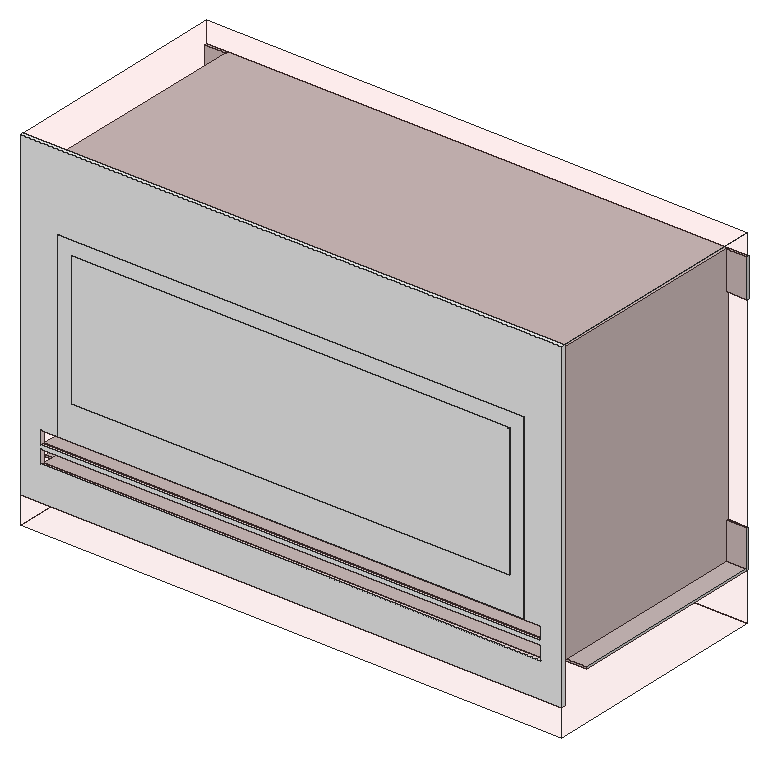
Revit family "Air-Curtain_Customer-Entry_PoweredAire_CLD-CHD", category Mechanical Equipment, host Face, Revit 2017
Family settings
  Host = Face
  Round Connector Dimension = Use Diameter
  Part Type = Normal
  OmniClass Number = 23.75.35.17.21
  OmniClass Title = Air Curtains
  Cut with Voids When Loaded = No
  Shared = No
  Room Calculation Point = No
Parameters
  Warranty Duration (Years) = 0
  Unit Width Notes = "Other Widths available."  # constant formula
  Unit Width = 3' - 3"
  Unit Weight = 0
  Unit Height = 1' - 4 3/4"
  Unit Depth = 1' - 11 1/4"
  URL = "http://www.poweredaire.com/"
  Test Data = ""
  Temperature Rise_Range = "as Specified"
  Standards Conformance = "as Specified"
  Specification = "http://www.arcat.com/sdspecs/htm04/23_34_33pai.htm"
  SpecWizard = ""
  Sound Pressure = "as Specified"
  Sales Information = "http://www.poweredaire.com/contact_us"
  Revision = "R1_2016-08"
  Projection from Host [instance] = 0' - 2"
  Product Properties = ""
  Product Data = "http://www.arcat.com/arcatcos/cos47/arc47623.html"
  Power Rating = 0 W
  Outlet Volume_Range = "as Specified"
  Outlet Velocity_Range = "as Specified"
  Nozzle Width = if(1 = 1, Unit Width - 0' 3", 0' 0")  # 3' - 0"
  Mounting Width = if(1 = 1, Unit Width - 0' 1 1/2", 0' 0")  # 3' - 1 1/2"
  Mounting Height [instance] = 3' - 6"
  Motor RPM = 0
  Motor HP = 0
  Motor Count = 0
  Model = "As Specified"
  Max Height = 0' - 0"
  Manufacturer Website = "http://www.poweredaire.com/"
  Manufacturer Phone - Toll Free = "888-321-2473"
  Manufacturer Phone = "724-588-3305"
  Manufacturer Fax = "724-588-3371"
  Manufacturer Address = "109 Mortensen Rd.  Greenville, PA 16125"
  Manufacturer = "Powered Aire, Inc"
  Maintenance Schedule (Months) = 0
  Keynote = "23 34 33"
  Installation-Fabrication = ""
  Installation Phase = ""
  Include Clearance [instance] = yes
  Heating Element Load = 0 W
  HVAC_Temperature Rise [instance] = 0 °F
  HVAC_Outlet Volume [instance] = 0 CFM
  HVAC_Outlet Velocity Uniformity = 0
  HVAC_Outlet Velocity [instance] = 0 FPM
  Green Building-LEED = "http://www.arcat.com/green/clients/leed_data_47623.html"
  Front Grating Material [instance] = Metal - Steel - PoweredAire - White Perforated
  Frame Finish [instance] = Metal - Steel - PoweredAire - Stainless 304
  Expected Lifespan (Years) = 0
  Electrical_Wattage [instance] = Power Rating + Heating Element Load  # 0 W
  Electrical_Voltage [instance] = 0 V
  Electrical_Phase [instance] = 1
  Electrical_Frequency [instance] = 0 Hz
  Electrical_Amperage [instance] = 0 A
  Drawn By = "Sumex Design, Inc. / Robert S. Weygant, CSI, CDT, SCIP"
  Description = "Powered Aire Air Curtain as Specified"
  Default Elevation = 0' - 0"  # constant formula
  Cover Finish [instance] = Metal - Steel - PoweredAire - White
  Copyright = "©Arcat Inc."
  Construction Details = "http://www.arcat.com/details/powair/prod3336.html"
  Clearance_Top [instance] = 0' - 0"
  Clearance_Side B [instance] = 0' - 0"
  Clearance_Side A [instance] = 0' - 0"
  Clearance_Intake [instance] = 0' - 0"
  Clearance_Front [instance] = 0' - 0"
  Clearance Material [instance] = ARCAT Clearance
  Building Codes = ""
  Available Options [instance] = "as Specified"
  Assembly Code = "D3090400"
Reference planes (in)
  plane 1 "Center (Elevation)": y = 8.51318
  plane 2: z = 0
  plane 3 "Center (Left/Right)": x = 0
  plane 4: y = 16.88818
  plane 5: y = 0.13818
  plane 6: x = -19.5
  plane 7: x = 19.5
  plane 8: z = 25.25
  plane 9 "FF": y = -41.86182
  plane 10: z = 2
  plane 11: x = 18
  plane 12: x = -18
  plane 13: y = 16.88818
  plane 14: y = 0.13818
  plane 15: x = -19.5
  plane 16: x = 19.5
  plane 17: z = 25.25
  plane 18: y = 0.38818
Forms (in)
  Extrusion 1, solid, material "ARCAT Clearance" <- "Clearance Material", visible <- "Include Clearance"
    sketch origin (0, 0, 0) x (0, 1, 0) y (0, 0, 1)
      loop
        line (0.13818, 25.25) -> (0.13818, 0) -> (16.88818, 0) -> (16.88818, 25.25) -> (0.13818, 25.25)
    from -19.5 to 19.5
  Extrusion 2, solid, material "Metal - Steel - PoweredAire - White" <- "Cover Finish"
    sketch origin (0, 8.51318, 0) x (1, 0, 0) y (0, 0, 1)
      loop
        line (-19.5, 25.25) -> (-19.5, 2) -> (19.5, 2) -> (19.5, 25.25) -> (-19.5, 25.25)
    from 8.125 to 8.375
  Extrusion 3, solid, material "Metal - Steel - PoweredAire - Stainless 304" <- "Frame Finish"
    sketch origin (0, 8.51318, 0) x (1, 0, 0) y (0, 0, 1)
      loop
        line (18, 23.75) -> (-18, 23.75) -> (-18, 3.5) -> (18, 3.5) -> (18, 23.75)
    from -8.375 to 8.125
  Extrusion 4, void
    sketch origin (0, 0, 0) x (0, 1, 0) y (0, 0, 1)
      loop
        line (0.13818, 5.5) -> (0.13818, 4.5) -> (1.88818, 4.5) -> (1.88818, 6.75) -> (0.13818, 6.75) -> (0.13818, 5.75) -> (1.63818, 5.75) -> (1.63818, 5.5) -> (0.13818, 5.5)
    from -18 to 18
  Extrusion 5, solid, material "Metal - Steel - PoweredAire - White" <- "Cover Finish"
    sketch origin (-11.83813, 0.13818, 48) x (-1, 0, 0) y (0, 0, 1)
      loop
        line (4.91187, -41.25) -> (4.91187, -28.25) -> (-28.58813, -28.25) -> (-28.58813, -41.25) -> (4.91187, -41.25)
    from 0 to -0.03125
  Extrusion 6, solid, material "Metal - Steel - PoweredAire - White Perforated" <- "Front Grating Material"
    sketch origin (-11.83813, 0.10693, 48) x (1, 0, 0) y (0, 0, 1)
      loop
        line (-3.91187, -29.25) -> (-3.91187, -38.75) -> (27.58813, -38.75) -> (27.58813, -29.25) -> (-3.91187, -29.25)
    from 0 to 0.03125
  Extrusion 7, solid, material "Metal - Steel - PoweredAire - Stainless 304" <- "Frame Finish"
    sketch origin (-15.17702, -180, 2) x (-1, 0, 0) y (0, -1, 0)
      loop
        line (-33.17702, -196.88818) -> (-33.17702, -182.38818) -> (-34.67702, -182.38818) -> (-34.67702, -196.88818) -> (-33.17702, -196.88818)
      loop
        line (2.82298, -196.88818) -> (4.32298, -196.88818) -> (4.32298, -182.38818) -> (2.82298, -182.38818) -> (2.82298, -196.88818)
    from 1.5 to 1.625
  Extrusion 8, solid, material "Metal - Steel - PoweredAire - Stainless 304" <- "Frame Finish"
    sketch origin (-11.83813, 16.88818, 48) x (-1, 0, 0) y (0, 0, 1)
      loop
        line (7.66187, -44.5) -> (7.66187, -41.75) -> (6.16187, -41.75) -> (6.16187, -44.5) -> (7.66187, -44.5)
      loop
        line (-31.33813, -44.5) -> (-29.83813, -44.5) -> (-29.83813, -41.75) -> (-31.33813, -41.75) -> (-31.33813, -44.5)
      loop
        line (7.66187, -27) -> (7.66187, -24.25) -> (6.16187, -24.25) -> (6.16187, -27) -> (7.66187, -27)
      loop
        line (-31.33813, -27) -> (-29.83813, -27) -> (-29.83813, -24.25) -> (-31.33813, -24.25) -> (-31.33813, -27)
    from 0 to -0.125
Cuts and joins
  Extrusion 4 cuts Extrusion 2
  Extrusion 4 cuts Extrusion 3
Dimensions and locks (in)
  equal spacing: plane 4, plane 1 "Center (Elevation)", plane 5
  "Unit Height": plane 4 to plane 5
  equal spacing: plane 6, plane 3 "Center (Left/Right)", plane 7
  "Unit Width": plane 6 to plane 7
  "Mounting Height": plane 5 to plane 9 "FF"
  "Projection from Host": plane 10 to level
  "Unit Depth": plane 8 to plane 10
  locked: plane 6 to plane 12 at 1.5
  locked: plane 11 to plane 7 at 1.5
  "Clearance_Side A": plane 7 to plane 16
  "Clearance_Side B": plane 15 to plane 6
  "Clearance_Top": plane 13 to plane 4
  "Clearance_Intake": plane 5 to plane 14
  "Clearance_Front": plane 17 to plane 8
  locked: plane 8 to Extrusion 3 sketch curve at 1.5
  locked: Extrusion 3 sketch curve to plane 10 at 1.5
  locked: plane 7 to Extrusion 3 sketch curve at 1.5
  locked: Extrusion 3 sketch curve to plane 6 at 1.5
  locked: plane 18 to plane 5 at 0.25
  Extrusion 4 sketch curve to Extrusion 4 sketch curve to Extrusion 4 sketch curve to Extrusion 4 sketch curve to plane 10 = 0' - 1" locked, 0' - 0 1/4" locked, 0' - 1" locked, 0' - 2 1/2" locked
  Extrusion 5 sketch curve to Extrusion 5 sketch curve to plane 10 = 1' - 1" locked, 0' - 4 3/4" locked
  locked: plane 11 to Extrusion 5 sketch curve at 1.25
  locked: Extrusion 5 sketch curve to plane 12 at 1.25
  Extrusion 6 sketch curve to Extrusion 6 sketch curve to plane 10 = 0' - 9 1/2" locked, 0' - 7 1/4" locked
  locked: Extrusion 6 sketch curve to plane 12 at 2.25
  locked: plane 11 to Extrusion 6 sketch curve at 2.25
  locked: plane 4 to Extrusion 7 sketch curve at 14.5  (x2)
  Extrusion 8 sketch curve to Extrusion 8 sketch curve to Extrusion 8 sketch curve to Extrusion 8 sketch curve to plane 10 = 0' - 2 3/4" locked, 1' - 2 3/4" locked, 0' - 2 3/4" locked, 0' - 1 1/2" locked  (x2)
  aligned and locked: plane 2 to host face
  aligned and locked: level to host face
  aligned and locked: Extrusion 1 sketch curve to plane 17
  aligned and locked: plane 14 to Extrusion 1 sketch curve
  aligned and locked: level to Extrusion 1 sketch curve
  aligned and locked: Extrusion 1 sketch curve to plane 13
  aligned and locked: plane 16 to Extrusion 1
  aligned and locked: Extrusion 1 to plane 15
  aligned and locked: Extrusion 2 sketch curve to plane 8
  aligned and locked: plane 6 to Extrusion 2 sketch curve
  aligned and locked: Extrusion 2 sketch curve to plane 10
  aligned and locked: Extrusion 2 sketch curve to plane 7
  aligned and locked: Extrusion 3 to plane 4
  aligned and locked: Extrusion 3 to plane 18
  aligned and locked: Extrusion 2 to plane 18
  aligned and locked: Extrusion 2 to plane 5
  aligned and locked: plane 11 to Extrusion 4
  aligned and locked: Extrusion 4 to plane 12
  aligned and locked: Extrusion 7 sketch curve to plane 4  (x2)
Automatic sketch dimensions
  host sketch curve to host sketch curve = 8' - 0"  (x2)
  Extrusion 4 sketch curve to plane 5 = 0' - 0"  (x2)
  plane 18 to Extrusion 4 sketch curve = 0' - 1 1/4"
  Extrusion 4 sketch curve to Extrusion 4 sketch curve = 0' - 0 1/4"
  Extrusion 7 sketch curve to plane 7 = 0' - 0"
  Extrusion 7 sketch curve to plane 11 = 0' - 0"
  Extrusion 7 sketch curve to plane 12 = 0' - 0"
  Extrusion 7 sketch curve to plane 6 = 0' - 0"
  Extrusion 8 sketch curve to plane 7 = 0' - 0"  (x2)
  Extrusion 8 sketch curve to plane 11 = 0' - 0"  (x2)
  Extrusion 8 sketch curve to plane 12 = 0' - 0"  (x2)
  Extrusion 8 sketch curve to plane 6 = 0' - 0"  (x2)
Connectors (in)
  electrical at (-18, 4.88818, 9.625), driven by "Electrical_Voltage", driven by "Electrical_Phase"
    settings: on cut or joined group of Extrusion 3, Extrusion 4, index 1, voltage 0 V, apparent load 0 VA, apparent load phase1 0 VA, apparent load phase2 0 VA, apparent load phase3 0 VA, power factor 1, load classification "Other", number of poles 1, system type 31, power factor state 1, is connector primary yes, connector utility no, sub classification motor no, connector description ""
